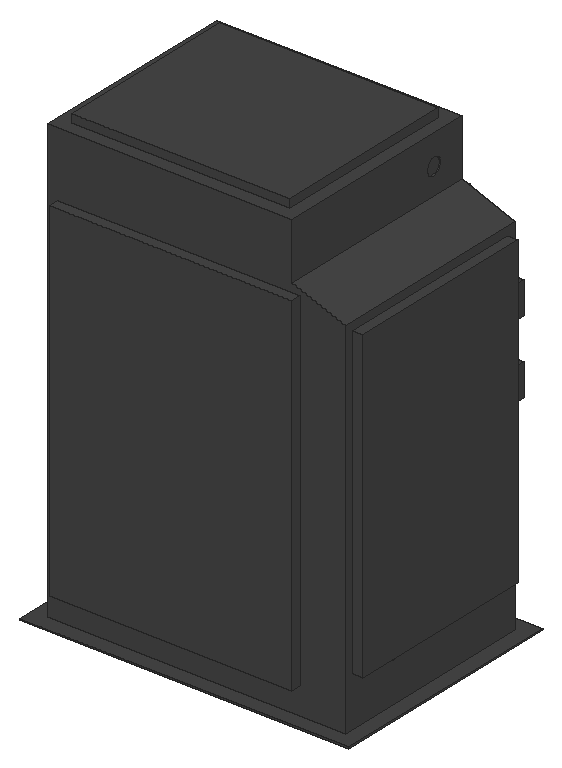
Revit family "SP4250 W_REVIT", category Mechanical Equipment, Revit 2014
Parameters (values of type "Standard")
  d240 = 0' - 0"
  d231 = 0' - 0.118"
  d229 = 2' - 2.062"
  d227 = 0' - 0 1/4"
  d225 = 0' - 0 1/4"
  d223 = 0' - 0 1/4"
  d221 = 0' - 1.287"
  d219 = 0' - 0 1/4"
  d217 = 0' - 0 1/4"
  d215 = 0' - 0 1/4"
  d213 = 0' - 0 1/4"
  d211 = 0' - 0 1/4"
  d209 = 0' - 0 1/4"
  d207 = 0' - 0 1/4"
  d205 = 0' - 0 1/4"
  d203 = 0' - 0 1/4"
  d201 = 0' - 0 1/4"
  d199 = 0' - 0 1/4"
  d197 = 0' - 1.284"
  d195 = 0' - 1.285"
  d193 = 0' - 0 1/4"
  d191 = 0' - 1.039"
  URL = "www.neptronic.com"
  Part Number = "SP4250 W_REVIT"
  Model = "SK370-W, SK380-W, SK390-W"
  Manufacturer = "Neptronic"
  Designer = "Antoine"
  Design Status = 1
  Description = "Electric Resistive Humidifier Weather proof"
  Date Created = "2014-06-27 08:43:47"
  Connector_9_Diameter = 0' - 0"
  Connector_8_Diameter = 0' - 0"
  Connector_7_Diameter = 0' - 0"
  Connector_6_Diameter = 0' - 0"
  Connector_5_Diameter = 0' - 0"
  Connector_4_Diameter = 0' - 0"
  Connector_3_Diameter = 0' - 0"
  Connector_2_Diameter = 0' - 0"
  Connector_1_Diameter = 0' - 0"
  Connector_11_Diameter = 0' - 0"
  Connector_10_Diameter = 0' - 0"
  Author = "Antoine"
Reference planes (in)
  plane 1 "Center (Front/Back)": y = 0
  plane 2: z = 0
  plane 3 "Center (Left/Right)": x = 0
  plane 4: z = -50
  plane 5: z = -49.882
  plane 6: y = -0.061
  plane 7: y = 26.001
  plane 8: x = -15.061
  plane 9: x = -14.811
  plane 10: x = -15.061
  plane 11: x = -14.811
  plane 12: x = -15.061
  plane 13: x = -14.811
  plane 14: y = 26.001
  plane 15: y = 27.288
  plane 16: y = 26.001
  plane 17: y = 25.751
  plane 18: y = 26.001
  plane 19: y = 25.751
  plane 20: y = 26.001
  plane 21: y = 25.751
  plane 22: z = -50
  plane 23: z = -49.75
  plane 24: z = -50
  plane 25: z = -49.75
  plane 26: z = -50
  plane 27: z = -49.75
  plane 28: z = -50
  plane 29: z = -49.75
  plane 30: z = -50
  plane 31: z = -49.75
  plane 32: z = -50
  plane 33: z = -49.75
  plane 34: x = 21.631
  plane 35: x = 21.381
  plane 36: x = 21.631
  plane 37: x = 21.381
  plane 38: y = -0.064
  plane 39: y = -1.348
  plane 40: x = 21.631
  plane 41: x = 22.916
  plane 42: x = 15.06022
  plane 43: x = 14.81022
  plane 44: z = 4.5
  plane 45: z = 5.539
Forms (in)
  Extrusion 1, solid
    sketch origin (0, 0, -50) x (-1, 0, 0) y (0, -1, 0)
      loop
        line (-23.51, -27.882) -> (16.943, -27.882) -> (16.943, 1.943) -> (-23.51, 1.943) -> (-23.51, -27.882)
    from 0 to 0.118
  Extrusion 2, solid
    sketch origin (0, -0.061, 0) x (-1, 0, 0) y (0, 0, -1)
      loop
        line (-15.06022, 2.45729) -> (-15.06022, -4.5) -> (15.061, -4.5) -> (15.061, 49.882) -> (-21.631, 49.882) -> (-21.631, 4.84886) -> (-15.06022, 2.45729)
    from 0 to -26.062
  Extrusion 3, void
    sketch origin (-15.061, 0, 0) x (0, -1, 0) y (0, 0, 1)
      loop
        circle (-21.72609, 0.8315) r 1.0625
    from 0 to -0.25
  Extrusion 4, void
    sketch origin (-15.061, 0, 0) x (0, -1, 0) y (0, 0, 1)
      loop
        circle (-7.439, -44.25) r 0.375
    from 0 to -0.25
  Extrusion 5, void
    sketch origin (-15.061, 0, 0) x (0, -1, 0) y (0, 0, 1)
      loop
        circle (-14.989, -44.25) r 0.25
    from 0 to -0.25
  Extrusion 6, solid
    sketch origin (0, 26.001, 0) x (-1, 0, 0) y (0, 0, 1)
      loop
        line (-15.01411, -46.51111) -> (14.07551, -46.51111) -> (14.07551, -3.48589) -> (-15.01411, -3.48589) -> (-15.01411, -46.51111)
    from 0 to 1.287
  Extrusion 7, void
    sketch origin (0, 26.001, 0) x (-1, 0, 0) y (0, 0, 1)
      loop
        circle (-18.482, -30.97305) r 0.4375
    from 0 to -0.25
  Extrusion 8, void
    sketch origin (0, 26.001, 0) x (-1, 0, 0) y (0, 0, 1)
      loop
        circle (-18.482, -27.97305) r 0.4375
    from 0 to -0.25
  Extrusion 9, void
    sketch origin (0, 26.001, 0) x (-1, 0, 0) y (0, 0, 1)
      loop
        circle (-18.475, -39.65207) r 1.0625
    from 0 to -0.25
  Extrusion 10, void
    sketch origin (0, 0, -50) x (-1, 0, 0) y (0, -1, 0)
      loop
        circle (0, -12.9685) r 0.25
    from 0 to 0.25
  Extrusion 11, void
    sketch origin (0, 0, -50) x (-1, 0, 0) y (0, -1, 0)
      loop
        circle (12.312, -6.299) r 0.375
    from 0 to 0.25
  Extrusion 12, void
    sketch origin (0, 0, -50) x (-1, 0, 0) y (0, -1, 0)
      loop
        circle (12.42, -16.939) r 0.25
    from 0 to 0.25
  Extrusion 13, void
    sketch origin (0, 0, -50) x (-1, 0, 0) y (0, -1, 0)
      loop
        circle (-12.375, -21.72609) r 1.0625
    from 0 to 0.25
  Extrusion 14, void
    sketch origin (0, 0, -50) x (-1, 0, 0) y (0, -1, 0)
      loop
        circle (-18.298, -22.90775) r 0.4375
    from 0 to 0.25
  Extrusion 15, void
    sketch origin (0, 0, -50) x (-1, 0, 0) y (0, -1, 0)
      loop
        circle (-18.298, -19.90775) r 0.4375
    from 0 to 0.25
  Extrusion 16, void
    sketch origin (21.631, 0, 0) x (0, -1, 0) y (0, 0, -1)
      loop
        circle (-7.45808, 44.74492) r 0.375
    from 0 to -0.25
  Extrusion 17, void
    sketch origin (21.631, 0, 0) x (0, -1, 0) y (0, 0, -1)
      loop
        circle (-15.00808, 44.74492) r 0.25
    from 0 to -0.25
  Extrusion 18, solid
    sketch origin (0, -0.064, 0) x (-1, 0, 0) y (0, 0, -1)
      loop
        line (-16.01411, 3.48589) -> (13.8322, 3.48589) -> (13.8322, 46.51111) -> (-16.01411, 46.51111) -> (-16.01411, 3.48589)
    from 0 to 1.284
  Extrusion 19, solid
    sketch origin (21.631, 0, 0) x (0, -1, 0) y (0, 0, -1)
      loop
        line (-0.92489, 43.63787) -> (-24.7712, 43.63787) -> (-24.7712, 5.84466) -> (-0.92489, 5.84466) -> (-0.92489, 43.63787)
    from 0 to 1.285
  Extrusion 20, void
    sketch origin (15.06022, 0, 0) x (0, -1, 0) y (0, 0, 1)
      loop
        circle (-21.72609, 0.8315) r 1.0625
    from 0 to 0.25
  Extrusion 21, solid
    sketch origin (0, 0, 4.5) x (0, 1, 0) y (1, 0, 0)
      loop
        line (24.394, 13.42222) -> (1.546, 13.42222) -> (1.546, -13.423) -> (24.394, -13.423) -> (24.394, 13.42222)
    from 0 to -1.039
  Extrusion 22, solid
    sketch origin (15.06022, 26.001, -2.45729) x (0.939693, 0, -0.34202) y (-0.34202, 0, -0.939693)
      loop
        line (6.22293, 12.06758) -> (4.87195, 8.35579) -> (9.31199, 6.73975) -> (10.66297, 10.45154) -> (6.22293, 12.06758)
      loop
        line (12.39017, 15.19698) -> (13.74115, 18.90877) -> (9.30111, 20.52481) -> (7.95013, 16.81303) -> (12.39017, 15.19698)
    from 0 to 1.45
Cuts and joins
  Extrusion 3, Extrusion 4, Extrusion 5, Extrusion 7, Extrusion 8, Extrusion 9, Extrusion 10, Extrusion 11, Extrusion 12, Extrusion 13, Extrusion 14, Extrusion 15, Extrusion 16, Extrusion 17, Extrusion 20 cuts Extrusion 1
  Extrusion 3, Extrusion 4, Extrusion 5, Extrusion 7, Extrusion 8, Extrusion 9, Extrusion 10, Extrusion 11, Extrusion 12, Extrusion 13, Extrusion 14, Extrusion 15, Extrusion 16, Extrusion 17, Extrusion 20 cuts Extrusion 2
  Extrusion 7, Extrusion 8, Extrusion 9, Extrusion 10, Extrusion 11, Extrusion 12, Extrusion 13, Extrusion 14, Extrusion 15, Extrusion 16, Extrusion 17, Extrusion 20 cuts Extrusion 6
  Extrusion 20 cuts Extrusion 18
  Extrusion 20 cuts Extrusion 19
  joined: Extrusion 1, Extrusion 2, Extrusion 6, Extrusion 18, Extrusion 19, Extrusion 21, Extrusion 22
Lines and regions (in)
  reference lines
    curve 1: line (23.51, 27.882, -50) -> (-16.943, 27.882, -50)
    curve 2: line (-16.943, 27.882, -50) -> (-16.943, -1.943, -50)
    curve 3: line (-16.943, -1.943, -50) -> (23.51, -1.943, -50)
    curve 4: line (23.51, -1.943, -50) -> (23.51, 27.882, -50)
    curve 5: line (15.06022, -0.061, -2.45729) -> (21.631, -0.061, -4.84886)
    curve 6: line (21.631, -0.061, -49.882) -> (21.631, -0.061, -4.84886)
    curve 7: line (-15.061, -0.061, -49.882) -> (21.631, -0.061, -49.882)
    curve 8: line (-15.061, -0.061, -49.882) -> (-15.061, -0.061, 4.5)
    curve 9: line (15.06022, -0.061, 4.5) -> (-15.061, -0.061, 4.5)
    curve 10: line (15.06022, -0.061, 4.5) -> (15.06022, -0.061, -2.45729)
    curve 11: circle (-15.061, 21.72609, 0.8315) r 1.0625 normal (-1, 0, 0)
    curve 12: circle (-15.061, 7.439, -44.25) r 0.375 normal (-1, 0, 0)
    curve 13: circle (-15.061, 14.989, -44.25) r 0.25 normal (-1, 0, 0)
    curve 14: line (15.01411, 26.001, -46.51111) -> (15.01411, 26.001, -3.48589)
    curve 15: line (15.01411, 26.001, -3.48589) -> (-14.07551, 26.001, -3.48589)
    curve 16: line (-14.07551, 26.001, -3.48589) -> (-14.07551, 26.001, -46.51111)
    curve 17: line (-14.07551, 26.001, -46.51111) -> (15.01411, 26.001, -46.51111)
    curve 18: circle (18.482, 26.001, -30.97305) r 0.4375 normal (0, 1, 0)
    curve 19: circle (18.482, 26.001, -27.97305) r 0.4375 normal (0, 1, 0)
    curve 20: circle (18.475, 26.001, -39.65207) r 1.0625 normal (0, 1, 0)
    curve 21: circle (0, 12.9685, -50) r 0.25 normal (0, 0, 1)
    curve 22: circle (-12.312, 6.299, -50) r 0.375 normal (0, 0, 1)
    curve 23: circle (-12.42, 16.939, -50) r 0.25 normal (0, 0, 1)
    curve 24: circle (12.375, 21.72609, -50) r 1.0625 normal (0, 0, 1)
    curve 25: circle (18.298, 22.90775, -50) r 0.4375 normal (0, 0, 1)
    curve 26: circle (18.298, 19.90775, -50) r 0.4375 normal (0, 0, 1)
    curve 27: circle (21.631, 7.45808, -44.74492) r 0.375 normal (1, 0, 0)
    curve 28: circle (21.631, 15.00808, -44.74492) r 0.25 normal (1, 0, 0)
    curve 29: line (16.01411, -0.064, -3.48589) -> (-13.8322, -0.064, -3.48589)
    curve 30: line (-13.8322, -0.064, -3.48589) -> (-13.8322, -0.064, -46.51111)
    curve 31: line (-13.8322, -0.064, -46.51111) -> (16.01411, -0.064, -46.51111)
    curve 32: line (16.01411, -0.064, -46.51111) -> (16.01411, -0.064, -3.48589)
    curve 33: line (21.631, 0.92489, -43.63787) -> (21.631, 0.92489, -5.84466)
    curve 34: line (21.631, 0.92489, -5.84466) -> (21.631, 24.7712, -5.84466)
    curve 35: line (21.631, 24.7712, -5.84466) -> (21.631, 24.7712, -43.63787)
    curve 36: line (21.631, 24.7712, -43.63787) -> (21.631, 0.92489, -43.63787)
    curve 37: circle (15.06022, 21.72609, 0.8315) r 1.0625 normal (-1, 0, 0)
    curve 38: line (13.42222, 24.394, 4.5) -> (13.42222, 1.546, 4.5)
    curve 39: line (13.42222, 1.546, 4.5) -> (-13.423, 1.546, 4.5)
    curve 40: line (-13.423, 1.546, 4.5) -> (-13.423, 24.394, 4.5)
    curve 41: line (-13.423, 24.394, 4.5) -> (13.42222, 24.394, 4.5)
    curve 42: line (16.7805, 26.001, -15.92547) -> (21.5055, 26.001, -15.92547)
    curve 43: line (21.5055, 26.001, -15.92547) -> (21.5055, 26.001, -11.97547)
    curve 44: line (21.5055, 26.001, -11.97547) -> (16.7805, 26.001, -11.97547)
    curve 45: line (16.7805, 26.001, -11.97547) -> (16.7805, 26.001, -15.92547)
    curve 46: line (21.5055, 26.001, -20.97547) -> (16.7805, 26.001, -20.97547)
    curve 47: line (16.7805, 26.001, -20.97547) -> (16.7805, 26.001, -24.92547)
    curve 48: line (16.7805, 26.001, -24.92547) -> (21.5055, 26.001, -24.92547)
    curve 49: line (21.5055, 26.001, -24.92547) -> (21.5055, 26.001, -20.97547)
Dimensions and locks (in)
  "d231": plane 4 to plane 5
  "d229": plane 7 to plane 6
  "d227": plane 9 to plane 8
  "d225": plane 11 to plane 10
  "d223": plane 13 to plane 12
  "d221": plane 14 to plane 15
  "d219": plane 17 to plane 16
  "d217": plane 19 to plane 18
  "d215": plane 21 to plane 20
  "d213": plane 22 to plane 23
  "d211": plane 24 to plane 25
  "d209": plane 26 to plane 27
  "d207": plane 28 to plane 29
  "d205": plane 30 to plane 31
  "d203": plane 32 to plane 33
  "d201": plane 35 to plane 34
  "d199": plane 37 to plane 36
  "d197": plane 38 to plane 39
  "d195": plane 40 to plane 41
  "d193": plane 42 to plane 43
  "d191": plane 45 to plane 44
  aligned and locked: plane 2 to level
  aligned and locked: Extrusion 1 to plane 5
  aligned and locked: Extrusion 1 to plane 4
  aligned and locked: Extrusion 1 sketch curve to curve 1
  aligned and locked: Extrusion 1 sketch curve to curve 2
  aligned and locked: Extrusion 1 sketch curve to curve 3
  aligned and locked: Extrusion 1 sketch curve to curve 4
  aligned and locked: Extrusion 2 to plane 7
  aligned and locked: Extrusion 2 to plane 6
  aligned and locked: Extrusion 2 sketch curve to curve 5
  aligned and locked: Extrusion 2 sketch curve to curve 6
  aligned and locked: Extrusion 2 sketch curve to curve 7
  aligned and locked: Extrusion 2 sketch curve to curve 8
  aligned and locked: Extrusion 2 sketch curve to curve 9
  aligned and locked: Extrusion 2 sketch curve to curve 10
  aligned and locked: Extrusion 3 to plane 9
  aligned and locked: plane 8 to Extrusion 3
  aligned and locked: Extrusion 3 sketch curve to curve 11  (x2)
  aligned and locked: Extrusion 4 to plane 11
  aligned and locked: plane 10 to Extrusion 4
  aligned and locked: Extrusion 4 sketch curve to curve 12  (x2)
  aligned and locked: Extrusion 5 to plane 13
  aligned and locked: plane 12 to Extrusion 5
  aligned and locked: Extrusion 5 sketch curve to curve 13  (x2)
  aligned and locked: plane 15 to Extrusion 6
  aligned and locked: Extrusion 6 to plane 14
  aligned and locked: Extrusion 6 sketch curve to curve 14
  aligned and locked: Extrusion 6 sketch curve to curve 15
  aligned and locked: Extrusion 6 sketch curve to curve 16
  aligned and locked: Extrusion 6 sketch curve to curve 17
  aligned and locked: Extrusion 7 to plane 17
  aligned and locked: plane 16 to Extrusion 7
  aligned and locked: Extrusion 7 sketch curve to curve 18  (x2)
  aligned and locked: Extrusion 8 to plane 19
  aligned and locked: plane 18 to Extrusion 8
  aligned and locked: Extrusion 8 sketch curve to curve 19  (x2)
  aligned and locked: Extrusion 9 to plane 21
  aligned and locked: plane 20 to Extrusion 9
  aligned and locked: Extrusion 9 sketch curve to curve 20  (x2)
  aligned and locked: Extrusion 10 to plane 23
  aligned and locked: plane 22 to Extrusion 10
  aligned and locked: Extrusion 10 sketch curve to curve 21  (x2)
  aligned and locked: Extrusion 11 to plane 25
  aligned and locked: plane 24 to Extrusion 11
  aligned and locked: Extrusion 11 sketch curve to curve 22  (x2)
  aligned and locked: Extrusion 12 to plane 27
  aligned and locked: plane 26 to Extrusion 12
  aligned and locked: Extrusion 12 sketch curve to curve 23  (x2)
  aligned and locked: Extrusion 13 to plane 29
  aligned and locked: Extrusion 13 to plane 28
  aligned and locked: Extrusion 13 sketch curve to curve 24  (x2)
  aligned and locked: Extrusion 14 to plane 31
  aligned and locked: Extrusion 14 to plane 30
  aligned and locked: Extrusion 14 sketch curve to curve 25  (x2)
  aligned and locked: Extrusion 15 to plane 33
  aligned and locked: Extrusion 15 to plane 32
  aligned and locked: Extrusion 15 sketch curve to curve 26  (x2)
  aligned and locked: Extrusion 16 to plane 35
  aligned and locked: plane 34 to Extrusion 16
  aligned and locked: Extrusion 16 sketch curve to curve 27  (x2)
  aligned and locked: Extrusion 17 to plane 37
  aligned and locked: plane 36 to Extrusion 17
  aligned and locked: Extrusion 17 sketch curve to curve 28  (x2)
  aligned and locked: Extrusion 18 to plane 39
  aligned and locked: Extrusion 18 to plane 38
  aligned and locked: Extrusion 18 sketch curve to curve 29
  aligned and locked: Extrusion 18 sketch curve to curve 30
  aligned and locked: Extrusion 18 sketch curve to curve 31
  aligned and locked: Extrusion 18 sketch curve to curve 32
  aligned and locked: plane 41 to Extrusion 19
  aligned and locked: Extrusion 19 to plane 40
  aligned and locked: Extrusion 19 sketch curve to curve 33
  aligned and locked: Extrusion 19 sketch curve to curve 34
  aligned and locked: Extrusion 19 sketch curve to curve 35
  aligned and locked: Extrusion 19 sketch curve to curve 36
  aligned and locked: Extrusion 20 to plane 43
  aligned and locked: Extrusion 20 to plane 42
  aligned and locked: Extrusion 20 sketch curve to curve 37  (x2)
  aligned and locked: Extrusion 21 to plane 45
  aligned and locked: plane 44 to Extrusion 21
  aligned and locked: Extrusion 21 sketch curve to curve 38
  aligned and locked: Extrusion 21 sketch curve to curve 39
  aligned and locked: Extrusion 21 sketch curve to curve 40
  aligned and locked: Extrusion 21 sketch curve to curve 41
  aligned and locked: Extrusion 22 sketch curve to curve 42
  aligned and locked: Extrusion 22 sketch curve to curve 43
  aligned and locked: Extrusion 22 sketch curve to curve 44
  aligned and locked: Extrusion 22 sketch curve to curve 45
  aligned and locked: Extrusion 22 sketch curve to curve 46
  aligned and locked: Extrusion 22 sketch curve to curve 47
  aligned and locked: Extrusion 22 sketch curve to curve 48
  aligned and locked: Extrusion 22 sketch curve to curve 49
Connectors (in)
  hvac at (15.06022, 21.72609, 0.8315), driven by "Connector_1_Diameter"
    settings: on cut or joined group 1 (Extrusion 1, Extrusion 2, Extrusion 3, Extrusion 4, Extrusion 5, Extrusion 6, Extrusion 7, Extrusion 8, Extrusion 9, Extrusion 10, Extrusion 11, Extrusion 12, Extrusion 13, Extrusion 14, Extrusion 15, Extrusion 16, Extrusion 17, Extrusion 18, Extrusion 19, Extrusion 20, Extrusion 21, Extrusion 22), index 1, duct flow 0 CFM, flow factor 0, pres drop 0.00 in-wg, loss coef 0, conn angle 0.00°, conn width 12", conn height 12", conn diameter 0", duct sys type 1, conn prof type 0, flow config 1, flow direction 2, loss method 0, conn ref index -1, conn util no, is conn primary yes, conn desc "Steam Outlet 2 1/8\" (STD)"
  hvac at (-15.061, 21.72609, 0.8315), driven by "Connector_2_Diameter"
    settings: on cut or joined group 1, index 2, duct flow 0 CFM, flow factor 0, pres drop 0.00 in-wg, loss coef 0, conn angle 0.00°, conn width 12", conn height 12", conn diameter 0", duct sys type 1, conn prof type 0, flow config 1, flow direction 2, loss method 0, conn ref index -1, conn util no, is conn primary no, conn desc "Steam Outlet 2 1/8\" (Option)"
  hvac at (18.475, 26.001, -39.65207), driven by "Connector_3_Diameter"
    settings: on cut or joined group 1, index 3, duct flow 0 CFM, flow factor 0, pres drop 0.00 in-wg, loss coef 0, conn angle 0.00°, conn width 12", conn height 12", conn diameter 0", duct sys type 1, conn prof type 0, flow config 1, flow direction 2, loss method 0, conn ref index -1, conn util no, is conn primary no, conn desc "Steam Outlet 2 1/8\" (Option)"
  hvac at (12.375, 21.72609, -50), driven by "Connector_4_Diameter"
    settings: on cut or joined group 1, index 4, duct flow 0 CFM, flow factor 0, pres drop 0.00 in-wg, loss coef 0, conn angle 0.00°, conn width 12", conn height 12", conn diameter 0", duct sys type 1, conn prof type 0, flow config 1, flow direction 2, loss method 0, conn ref index -1, conn util no, is conn primary no, conn desc "Steam Outlet 2 1/8\" (Roofcurb Option)"
  piping at (-15.061, 14.989, -44.25), driven by "Connector_5_Diameter"
    settings: on cut or joined group 1, index 5, connector diameter 0", connector inside diameter 24", connector length 0' - 0", flow factor 0, pipe flow 0 GPM, pressure drop 0.00 psi, fitting loss kfactor 0, connector angle 0.00°, fixture units 0, engagement length 0' - 0", angle of deflection 0.00°, flow configuration 1, flow direction 1, fitting loss method 0, system type 20, joint type 0, gender type 0, connector reference index -1, connector utility 0, adjustable connector no, is connector primary yes, connector description "Water Inlet 1/2\" Male NPT (Option)"
  piping at (-12.42, 16.939, -50), driven by "Connector_6_Diameter"
    settings: on cut or joined group 1, index 6, connector diameter 0", connector inside diameter 24", connector length 0' - 0", flow factor 0, pipe flow 0 GPM, pressure drop 0.00 psi, fitting loss kfactor 0, connector angle 0.00°, fixture units 0, engagement length 0' - 0", angle of deflection 0.00°, flow configuration 1, flow direction 1, fitting loss method 0, system type 20, joint type 0, gender type 0, connector reference index -1, connector utility 0, adjustable connector no, is connector primary no, connector description "Water Inlet 1/2\" Male NPT (Roofcurb Option)"
  piping at (-15.061, 7.439, -44.25), driven by "Connector_7_Diameter"
    settings: on cut or joined group 1, index 7, connector diameter 0", connector inside diameter 24", connector length 0' - 0", flow factor 0, pipe flow 0 GPM, pressure drop 0.00 psi, fitting loss kfactor 0, connector angle 0.00°, fixture units 0, engagement length 0' - 0", angle of deflection 0.00°, flow configuration 1, flow direction 2, fitting loss method 0, system type 16, joint type 0, gender type 0, connector reference index -1, connector utility 0, adjustable connector no, is connector primary no, connector description "Main drain 3/4\" (Option)"
  piping at (-12.312, 6.299, -50), driven by "Connector_8_Diameter"
    settings: on cut or joined group 1, index 8, connector diameter 0", connector inside diameter 24", connector length 0' - 0", flow factor 0, pipe flow 0 GPM, pressure drop 0.00 psi, fitting loss kfactor 0, connector angle 0.00°, fixture units 0, engagement length 0' - 0", angle of deflection 0.00°, flow configuration 1, flow direction 2, fitting loss method 0, system type 16, joint type 0, gender type 0, connector reference index -1, connector utility 0, adjustable connector no, is connector primary no, connector description "Main drain 3/4\" (Roofcurb Option)"
  piping at (0, 12.9685, -50), driven by "Connector_9_Diameter"
    settings: on cut or joined group 1, index 9, connector diameter 0", connector inside diameter 24", connector length 0' - 0", flow factor 0, pipe flow 0 GPM, pressure drop 0.00 psi, fitting loss kfactor 0, connector angle 0.00°, fixture units 0, engagement length 0' - 0", angle of deflection 0.00°, flow configuration 1, flow direction 2, fitting loss method 0, system type 16, joint type 0, gender type 0, connector reference index -1, connector utility 0, adjustable connector no, is connector primary no, connector description "Pan drip drain outlet 1/2\""
  piping at (21.631, 7.45808, -44.74492), driven by "Connector_10_Diameter"
    settings: on cut or joined group 1, index 10, connector diameter 0", connector inside diameter 24", connector length 0' - 0", flow factor 0, pipe flow 0 GPM, pressure drop 0.00 psi, fitting loss kfactor 0, connector angle 0.00°, fixture units 0, engagement length 0' - 0", angle of deflection 0.00°, flow configuration 1, flow direction 2, fitting loss method 0, system type 16, joint type 0, gender type 0, connector reference index -1, connector utility 0, adjustable connector no, is connector primary no, connector description "Main drain 3/4\" (STD)"
  piping at (21.631, 15.00808, -44.74492), driven by "Connector_11_Diameter"
    settings: on cut or joined group 1, index 11, connector diameter 0", connector inside diameter 24", connector length 0' - 0", flow factor 0, pipe flow 0 GPM, pressure drop 0.00 psi, fitting loss kfactor 0, connector angle 0.00°, fixture units 0, engagement length 0' - 0", angle of deflection 0.00°, flow configuration 1, flow direction 1, fitting loss method 0, system type 20, joint type 0, gender type 0, connector reference index -1, connector utility 0, adjustable connector no, is connector primary no, connector description "Water Inlet 1/2\" Male NPT (STD)"
  electrical at (18.482, 26.001, -30.97305)
    settings: on cut or joined group 1, index 12, voltage 0 V, apparent load 0 VA, apparent load phase1 0 VA, apparent load phase2 0 VA, apparent load phase3 0 VA, power factor 1, load classification "Other", number of poles 1, system type 13, power factor state 1, is connector primary yes, connector utility no, sub classification motor no, connector description "Low Voltage Control Inlet 7/8 (KO) (STD)"
  electrical at (18.298, 22.90775, -50)
    settings: on cut or joined group 1, index 13, voltage 0 V, apparent load 0 VA, apparent load phase1 0 VA, apparent load phase2 0 VA, apparent load phase3 0 VA, power factor 1, load classification "Other", number of poles 1, system type 13, power factor state 1, is connector primary no, connector utility no, sub classification motor no, connector description "Low Voltage Control Inlet 7/8\" (KO) (Roofcurb option)"
  electrical at (18.482, 26.001, -27.97305)
    settings: on cut or joined group 1, index 14, voltage 0 V, apparent load 0 VA, apparent load phase1 0 VA, apparent load phase2 0 VA, apparent load phase3 0 VA, power factor 0, load classification "Other", number of poles 1, system type 30, power factor state 1, is connector primary no, connector utility no, sub classification motor no, connector description "Power Supply inlet 7/8\" (KO) (STD)"
  electrical at (18.298, 19.90775, -50)
    settings: on cut or joined group 1, index 15, voltage 0 V, apparent load 0 VA, apparent load phase1 0 VA, apparent load phase2 0 VA, apparent load phase3 0 VA, power factor 0, load classification "Other", number of poles 1, system type 30, power factor state 1, is connector primary no, connector utility no, sub classification motor no, connector description "Power Supply inlet 7/8\" (KO) (Roofcurb Option)"
